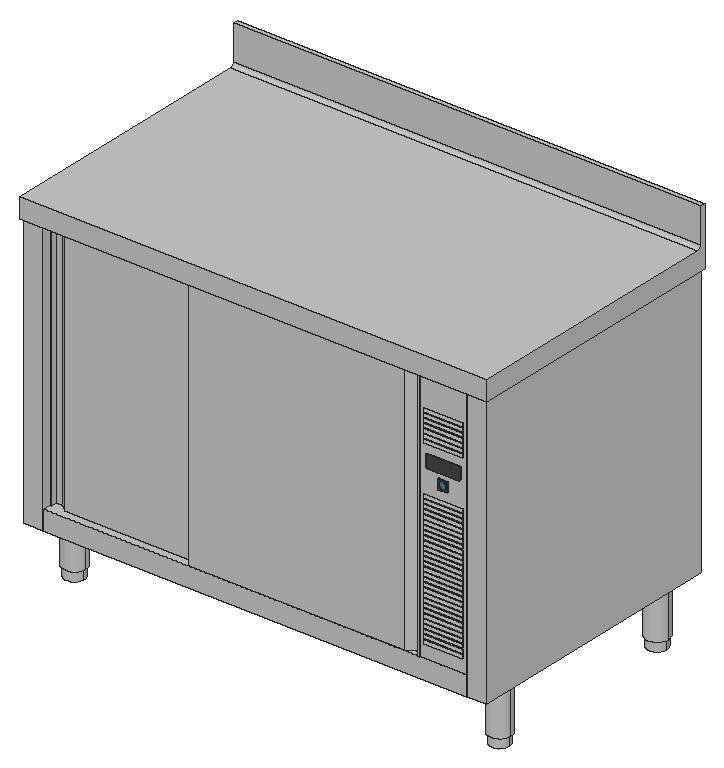
Revit family "QF_ELECTROLUXPROFESSIONAL_132791_MTC1210PN", category Attrezzature speciali, Revit 2020
Family settings
  Quota connettore circolare = Usa diametro
  Tipo di parte = Normale
  Basato su piano di lavoro = No
  Sempre verticale = Sì
  Taglio con vuoti quando caricato = No
  Condiviso = No
  Punto di calcolo locali = No
Parameters (values of type "Standard")
  Weight = 55.00 kg
  Watts = 2400 W
  Volts = 220 V
  URL Manufacturer = "https://www.electroluxprofessional.com/"
  URL = "https://www.electroluxprofessional.com/"
  Steam Supply Size = 0 mm
  Steam Supply Minimum Pressure = 0.0 Pa
  Steam Supply Maximum Pressure = 0.0 Pa
  Steam Consumption per Hour = 0
  Refrigeration Suction Line Size = 0.0 mm
  Refrigeration Liquid Line Size = 0.0 mm
  Refrigerant Compressor Remote = yes
  Prospetto di default = 0.0 mm
  Produttore = "Electrolux Professional"
  Phase = 1
  Modello = "MTC1210PN"
  Length Actual = 1200.0 mm  # constant formula
  Item Number = "132791"
  Hot Water Size = 0 mm
  Height Actual = 1000.0 mm  # constant formula
  HP = "3.2 HP"
  Gas Size = 0 mm
  Gas KW = 0
  Gas Input Pressure = 0 W
  Direct Waste Size = 0 mm
  Descrizione = "HOT CUPB.VENT+UPST+SHELF+SLIDING D. 1200"
  Depth Actual = 700.0 mm  # constant formula
  Cycle = 50 Hz
  Condensate Return Size = 0 mm
  Compressed Air Volume = 0.0 L/s
  Compressed Air Size = 0 mm
  Compressed Air Pressure = 0.0 Pa
  Cold Water Size = 0 mm
  Accessory = yes
Reference planes
  plane 1 "Center (Front/Back)": y = 0
  plane 2: z = 0
  plane 3 "Center (Left/Right)": x = -100
  plane 4 "LEFT": x = -700
  plane 5 "RIGHT": x = 500
  plane 6 "BACK": y = 350
  plane 7 "FRONT": y = -350
  plane 8 "Base": z = 850
  plane 9 "TOP": z = 900
  plane 10: x = -646.5
  plane 11: x = 446.5
  plane 12: y = 264.5
  plane 13: y = -241.5
  plane 14 "BodyLeft": x = -694.5
  plane 15 "BodyFront": y = -344.5
  plane 16 "BodyRight": x = 494.5
  plane 17 "BodyBack": y = 344.5
  plane 18 "FEET": z = 150
  plane 19: x = 324.5
  plane 20: x = -161
  plane 21: x = 444.5
  plane 22 "EIx": x = 400
  plane 23 "EIy": y = -170
Forms (mm)
  Extrusion 1, solid, material "QF_Finishes_Stainless Steel"
    sketch origin (-100, 0, 0) x (0, 1, 0) y (0, 0, 1)
      loop
        line (-350, 850) -> (350, 850) -> (350, 1000) -> (337, 1000) -> (337, 910)
        arc (337, 910) -> (334.071, 902.929) -> (327, 900) r 10
        line (327, 900) -> (-350, 900) -> (-350, 850)
    from 600 to -600
  Extrusion 2, solid, material "QF_Finishes_Stainless Steel"
    sketch origin (0, 0, 150) x (-1, 0, 0) y (0, -1, 0)
      loop
        line (694.5, -344.5) -> (694.5, 344.5) -> (644.5, 344.5) -> (644.5, -344.5) -> (694.5, -344.5)
      loop
        line (-444.5, -344.5) -> (-444.5, 344.5) -> (-494.5, 344.5) -> (-494.5, -344.5) -> (-444.5, -344.5)
    from 0 to 700
  Extrusion 3, solid, material "QF_Finishes_Stainless Steel"
    sketch origin (0, 0, 150) x (-1, 0, 0) y (0, -1, 0)
      loop
        line (644.5, -344.5) -> (644.5, 344.5) -> (-444.5, 344.5) -> (-444.5, -344.5) -> (644.5, -344.5)
    from 0 to 50
  Extrusion 4, solid, material "QF_Finishes_Stainless Steel"
    sketch origin (-1, 0, 150) x (-1, 0, 0) y (0, -1, 0)
      loop
        line (-325.5, 344.5) -> (-325.5, 324.5) -> (270.5, 324.5) -> (270.5, 344.5) -> (-285.5, 344.5) -> (-305.5, 329.5) -> (-320.5, 329.5) -> (-320.5, 344.5) -> (-325.5, 344.5)
    from 50 to 700
  Extrusion 5, solid, material "QF_Finishes_Stainless Steel"
    sketch origin (1, 20, 150) x (1, 0, 0) y (0, 1, 0)
      loop
        line (-645.5, -344.5) -> (-640.5, -344.5) -> (-640.5, -329.5) -> (-625.5, -329.5) -> (-605.5, -344.5) -> (-51.5, -344.5) -> (-51.5, -324.5) -> (-645.5, -324.5) -> (-645.5, -344.5)
    from 50 to 700
  Extrusion 6, solid, material "QF_Finishes_Stainless Steel"
    sketch origin (0, 0, 0) x (1, 0, 0) y (0, 1, 0)
      loop
        line (-644.5, -304.5) -> (324.5, -304.5) -> (324.5, 324.5) -> (-644.5, 324.5) -> (-644.5, -304.5)
    from 500 to 540
  Extrusion 7, solid, material "QF_Finishes_Stainless Steel"
    sketch origin (0, 0, 0) x (1, 0, 0) y (0, 1, 0)
      loop
        line (444.5, 344.5) -> (-644.5, 344.5) -> (-644.5, 324.5) -> (444.5, 324.5) -> (444.5, 344.5)
    from 200 to 850
  Extrusion 8, solid, material "QF_Finishes_Stainless Steel"
    sketch origin (0, 0, 150) x (-1, 0, 0) y (0, -1, 0)
      loop
        circle (-400, 170) r 10
    from 0 to -5
Cuts and joins
  joined: Extrusion 3, Extrusion 7
Lines and regions (mm)
  symbolic lines
    curve 1: line (500, 350, 900) -> (-700, 350, 900)
    curve 2: line (-700, 350, 900) -> (-700, -350, 900)
    curve 3: line (-700, -350, 900) -> (500, -350, 900)
    curve 4: line (500, -350, 900) -> (500, 350, 900)
    curve 15: line (500, 337, 900) -> (-700, 337, 900)
  symbolic lines, style "SpecialityEquipmentHiddenLines"
    curve 5: line (-694.5, 344.5, 150) -> (494.5, 344.5, 150)
    curve 6: line (-694.5, -344.5, 150) -> (-694.5, 344.5, 150)
    curve 7: line (494.5, -344.5, 150) -> (-694.5, -344.5, 150)
    curve 8: line (494.5, 344.5, 150) -> (494.5, -344.5, 150)
    curve 9: line (-645.5, -304.5, 150) -> (-49.5, -304.5, 150)
    curve 10: line (-49.5, -304.5, 150) -> (-49.5, -324.5, 150)
    curve 11: line (-645.5, -324.5, 150) -> (324.5, -324.5, 150)
    curve 12: line (324.5, -324.5, 150) -> (324.5, -344.5, 150)
    curve 13: line (-645.5, -304.5, 150) -> (-645.5, -324.5, 150)
    curve 14: line (-271.5, -344.5, 0) -> (-271.5, -324.5, 0)
Dimensions and locks
  plane 4 "LEFT" to plane 5 "RIGHT" = 1200.0 mm
  equal spacing: plane 4 "LEFT", plane 3 "Center (Left/Right)", plane 5 "RIGHT"
  locked: plane 8 "Base" to level at 850
  plane 9 "TOP" to level = 900.0 mm
  plane 6 "BACK" to plane 7 "FRONT" = 700.0 mm
  equal spacing: plane 6 "BACK", plane 1 "Center (Front/Back)", plane 7 "FRONT"
  locked: plane 4 "LEFT" to plane 14 "BodyLeft" at 5.5
  locked: plane 16 "BodyRight" to plane 5 "RIGHT" at 5.5
  locked: plane 15 "BodyFront" to plane 7 "FRONT" at 5.5
  locked: plane 6 "BACK" to plane 17 "BodyBack" at 5.5
  locked: plane 14 "BodyLeft" to plane 10 at 48
  locked: plane 11 to plane 16 "BodyRight" at 48
  locked: plane 13 to plane 15 "BodyFront" at 103
  locked: plane 17 "BodyBack" to plane 12 at 80
  plane 10 to plane 11 = 1093.0 mm
  plane 12 to plane 13 = 506.0 mm
  locked: plane 14 "BodyLeft" to Extrusion 2 sketch curve at 50
  locked: Extrusion 2 sketch curve to Extrusion 2 sketch curve at 50
  equal spacing: plane 10, plane 20, plane 19
  locked: plane 21 to plane 16 "BodyRight" at 50
  locked: plane 19 to plane 21 at 120
  locked: Extrusion 4 sketch curve to plane 20 at 110.5
  locked: plane 20 to Extrusion 5 sketch curve at 110.5
  locked: plane 18 "FEET" to level at 150
  locked: plane 22 "EIx" to plane 5 "RIGHT" at 100
  plane 23 "EIy" to plane 7 "FRONT" = 180.0 mm
  locked: Extrusion 1 to level at 1000
  aligned and locked: level to plane 2
  aligned and locked: plane 10 to nested 1
  aligned and locked: nested 1 to plane 13
  aligned and locked: plane 11 to nested 2
  aligned and locked: nested 2 to plane 13
  aligned and locked: plane 11 to nested 4
  aligned and locked: nested 4 to plane 12
  aligned and locked: plane 10 to nested 3
  aligned and locked: nested 3 to plane 12
  aligned and locked: Extrusion 1 to plane 4 "LEFT"
  aligned and locked: plane 5 "RIGHT" to Extrusion 1
  aligned and locked: curve 2 to plane 4 "LEFT"
  aligned and locked: plane 17 "BodyBack" to Extrusion 2 sketch curve
  aligned and locked: Extrusion 2 sketch curve to plane 15 "BodyFront"
  aligned and locked: Extrusion 2 sketch curve to plane 14 "BodyLeft"
  aligned and locked: plane 16 "BodyRight" to Extrusion 2 sketch curve
  aligned and locked: Extrusion 2 sketch curve to plane 17 "BodyBack"
  aligned and locked: plane 15 "BodyFront" to Extrusion 2 sketch curve
  aligned and locked: Extrusion 3 sketch curve to plane 17 "BodyBack"
  aligned and locked: plane 15 "BodyFront" to Extrusion 3 sketch curve
  aligned and locked: plane 8 "Base" to Extrusion 2
  aligned and locked: plane 8 "Base" to Extrusion 4
  aligned and locked: Extrusion 4 to Extrusion 3
  aligned and locked: Extrusion 1 to plane 8 "Base"
  aligned and locked: plane 9 "TOP" to Extrusion 1
  aligned and locked: curve 5 to plane 17 "BodyBack"
  aligned and locked: plane 14 "BodyLeft" to curve 6
  aligned and locked: plane 15 "BodyFront" to curve 7
  aligned and locked: plane 16 "BodyRight" to curve 8
  aligned and locked: Extrusion 3 to Extrusion 2  (x2)
  aligned and locked: Extrusion 6 sketch curve to Extrusion 2
  aligned and locked: Extrusion 6 sketch curve to Extrusion 5
  aligned and locked: nested 5 to plane 21
  aligned and locked: Extrusion 7 sketch curve to Extrusion 2
  aligned and locked: Extrusion 6 sketch curve to plane 19
Automatic sketch dimensions
  Extrusion 8 sketch curve to plane 22 "EIx" = 0.0 mm
  Extrusion 8 sketch curve to plane 23 "EIy" = 0.0 mm
  curve 14 to plane 15 "BodyFront" = 0.0 mm
  plane 15 "BodyFront" to curve 14 = 20.0 mm
  curve 14 to plane 20 = 110.5 mm
  curve 3 to plane 7 "FRONT" = 0.0 mm
  curve 15 to plane 5 "RIGHT" = 0.0 mm
  curve 4 to plane 6 "BACK" = 0.0 mm
  curve 15 to plane 17 "BodyBack" = 7.5 mm
  Extrusion 1 sketch curve to plane 7 "FRONT" = 0.0 mm
  Extrusion 1 sketch curve to plane 9 "TOP" = 0.0 mm
  Extrusion 1 sketch curve to plane 6 "BACK" = 0.0 mm
  Extrusion 1 sketch curve to plane 8 "Base" = 0.0 mm
  Extrusion 1 sketch curve to plane 17 "BodyBack" = 17.5 mm
  Extrusion 1 sketch curve to plane 17 "BodyBack" = 7.5 mm
  Extrusion 1 sketch curve to Extrusion 1 sketch curve = 90.0 mm
  Extrusion 3 sketch curve to plane 21 = 0.0 mm
  plane 10 to Extrusion 3 sketch curve = 2.0 mm
  Extrusion 4 sketch curve to plane 19 = 0.0 mm
  Extrusion 4 sketch curve to plane 15 "BodyFront" = 0.0 mm  (x2)
  Extrusion 4 sketch curve to Extrusion 4 sketch curve = 5.0 mm
  Extrusion 4 sketch curve to Extrusion 4 sketch curve = 15.0 mm  (x2)
  Extrusion 4 sketch curve to Extrusion 4 sketch curve = 20.0 mm  (x2)
  Extrusion 5 sketch curve to plane 15 "BodyFront" = 20.0 mm  (x2)
  Extrusion 5 sketch curve to plane 10 = 42.0 mm
  Extrusion 5 sketch curve to plane 10 = 22.0 mm
  Extrusion 5 sketch curve to plane 10 = 7.0 mm
  Extrusion 5 sketch curve to plane 10 = 2.0 mm
  Extrusion 5 sketch curve to Extrusion 5 sketch curve = 15.0 mm
  Extrusion 5 sketch curve to Extrusion 5 sketch curve = 20.0 mm
  curve 12 to plane 19 = 0.0 mm
  curve 7 to plane 15 "BodyFront" = 0.0 mm
  plane 3 "Center (Left/Right)" to curve 10 = 50.5 mm
  plane 10 to curve 13 = 1.0 mm
  plane 15 "BodyFront" to curve 9 = 40.0 mm
  plane 15 "BodyFront" to curve 11 = 20.0 mm
  Extrusion 6 sketch curve to plane 17 "BodyBack" = 20.0 mm
  Extrusion 7 sketch curve to plane 21 = 0.0 mm
  Extrusion 7 sketch curve to plane 17 "BodyBack" = 0.0 mm
  Extrusion 7 sketch curve to Extrusion 7 sketch curve = 20.0 mm
  radius of Extrusion 8 sketch curve = 10.0 mm
Nested families
  nested 1: "FEET_D58-150" at (-646.5, -241.5, 0), type "FEET_D58-150"
  nested 2: "FEET_D58-150" at (446.5, -241.5, 0), type "FEET_D58-150"
  nested 3: "FEET_D58-150" at (-646.5, 264.5, 0), type "FEET_D58-150"
  nested 4: "FEET_D58-150" at (446.5, 264.5, 0), type "FEET_D58-150"
  nested 5: "WT_PNL120x650" at (531.42, -304.5, 600) x (1, 0, 0) z (0, -1, 0), type "WT_PNL120x650"
    with Show Logo yes
Connectors
  electrical at (400, -170, 145)
    settings: on Extrusion 8, index 1, voltage 0 V, apparent load 0 VA, apparent load phase1 0 VA, apparent load phase2 0 VA, apparent load phase3 0 VA, power factor 1, load classification "Other", number of poles 1, system type 30, power factor state 1, is connector primary yes, connector utility no, sub classification motor no, connector description "Electrical connection"
Definition of nested family "FEET_D58-150"
  Parameters
    Default Elevation = 0.0 mm
    FEET = 150.0 mm
  Reference planes
    plane 1 "Center (Front/Back)": y = 0
    plane 2: z = 0
    plane 3 "Center (Left/Right)": x = 0
    plane 4: z = 150
  Forms (mm)
    Extrusion 1, solid
      sketch origin (0, 0, 0) x (1, 0, 0) y (0, 1, 0)
        loop
          circle (0, 0) r 25
      from 0 to 25
    Extrusion 2, solid
      sketch origin (0, 0, 0) x (1, 0, 0) y (0, 1, 0)
        loop
          circle (0.061, 0) r 29
      from 25 to 150 <- "FEET"
  Lines and regions (mm)
    symbolic lines
      curve 1: line (0, -1.503, 0) -> (0, 1.508, 0)
      curve 2: line (1.561, 0, 0) -> (-1.439, 0, 0)
  Dimensions and locks
    "FEET": plane 4 to plane 2
    aligned and locked: level to plane 2
  Automatic sketch dimensions
    plane 1 "Center (Front/Back)" to Extrusion 1 sketch curve = 0.0 mm
    Extrusion 1 sketch curve to plane 3 "Center (Left/Right)" = 0.0 mm
    plane 1 "Center (Front/Back)" to curve 2 = 0.0 mm
    curve 1 to plane 3 "Center (Left/Right)" = 0.0 mm
    curve 2 to plane 3 "Center (Left/Right)" = 1.439 mm
    plane 3 "Center (Left/Right)" to curve 2 = 1.561 mm
    plane 1 "Center (Front/Back)" to curve 1 = 1.503 mm
    curve 1 to plane 1 "Center (Front/Back)" = 1.508 mm
    plane 1 "Center (Front/Back)" to Extrusion 2 sketch curve = 0.0 mm
    plane 3 "Center (Left/Right)" to Extrusion 2 sketch curve = 0.061 mm
    radius of Extrusion 1 sketch curve = 25.0 mm
    radius of Extrusion 2 sketch curve = 29.0 mm
Definition of nested family "WT_PNL120x650"
  Parameters
    Show Logo [instance] = yes
    Default Elevation = 1219.2 mm
  Reference planes
    plane 1 "Center (Front/Back)": y = -75
    plane 2: z = 0
    plane 3 "Center (Left/Right)": x = -146.92
    plane 4: x = -206.92
    plane 5: x = -86.92
    plane 6: y = 250
    plane 7: y = -400
    plane 8 "TOP": z = 40
  Forms (mm)
    Extrusion 1, solid
      sketch origin (0, 0, 0) x (1, 0, 0) y (0, 1, 0)
        loop
          line (-1219.2, 1219.2) -> (-1219.2, -1219.2) -> (1219.2, -1219.2) -> (1219.2, 1219.2) -> (-1219.2, 1219.2)
      from 0 to -304.8
    Extrusion 2, solid
      sketch origin (0, 0, 0) x (1, 0, 0) y (0, 1, 0)
        loop
          line (-206.92, 250) -> (-206.92, -400) -> (-86.92, -400) -> (-86.92, 250) -> (-206.92, 250)
      from 0 to 40
    Extrusion 3, void
      sketch origin (0, 0, 40) x (-1, 0, 0) y (0, -1, 0)
        loop
          arc (101.92, -68.899) -> (103.795, -73.256) -> (108.247, -74.89) r 6
          line (108.247, -74.89) -> (185.92, -74.89)
          arc (185.92, -74.89) -> (190.163, -73.133) -> (191.92, -68.89) r 6
          line (191.92, -68.89) -> (191.92, -45.89)
          arc (191.92, -45.89) -> (190.163, -41.648) -> (185.92, -39.89) r 6
          line (185.92, -39.89) -> (107.92, -39.89)
          arc (107.92, -39.89) -> (103.677, -41.648) -> (101.92, -45.89) r 6
          line (101.92, -45.89) -> (101.92, -68.899)
        loop
          line (158.92, -27.89) -> (158.92, -2.89) -> (134.92, -2.89) -> (134.92, -27.89) -> (158.92, -27.89)
      from -2 to 0
    Extrusion 4, solid
      sketch origin (0, 0, 40) x (-1, 0, 0) y (0, -1, 0)
        loop
          line (185.92, -39.89) -> (107.92, -39.89)
          arc (107.92, -39.89) -> (103.677, -41.648) -> (101.92, -45.89) r 6
          line (101.92, -45.89) -> (101.92, -68.899)
          arc (101.92, -68.899) -> (103.795, -73.256) -> (108.247, -74.89) r 6
          line (108.247, -74.89) -> (185.92, -74.89)
          arc (185.92, -74.89) -> (190.163, -73.133) -> (191.92, -68.89) r 6
          line (191.92, -68.89) -> (191.92, -45.89)
          arc (191.92, -45.89) -> (190.163, -41.648) -> (185.92, -39.89) r 6
      from -2 to 1
    Extrusion 5, solid
      sketch origin (-146.92, 0, 0) x (0, 1, 0) y (0, 0, 1)
        loop
          line (95.896, 40) -> (104.899, 40) -> (95.896, 41.206) -> (95.896, 40)
        loop
          line (107.896, 40) -> (116.899, 40) -> (107.896, 41.206) -> (107.896, 40)
        loop
          line (119.896, 40) -> (128.899, 40) -> (119.896, 41.206) -> (119.896, 40)
        loop
          line (131.896, 40) -> (140.899, 40) -> (131.896, 41.206) -> (131.896, 40)
        loop
          line (143.896, 40) -> (152.899, 40) -> (143.896, 41.206) -> (143.896, 40)
        loop
          line (155.896, 40) -> (164.899, 40) -> (155.896, 41.206) -> (155.896, 40)
        loop
          line (167.896, 40) -> (176.899, 40) -> (167.896, 41.206) -> (167.896, 40)
        loop
          line (-102.104, 40) -> (-93.101, 40) -> (-102.104, 41.206) -> (-102.104, 40)
        loop
          line (-90.104, 40) -> (-81.101, 40) -> (-90.104, 41.206) -> (-90.104, 40)
        loop
          line (-78.104, 40) -> (-69.101, 40) -> (-78.104, 41.206) -> (-78.104, 40)
        loop
          line (-66.104, 40) -> (-57.101, 40) -> (-66.104, 41.206) -> (-66.104, 40)
        loop
          line (-54.104, 40) -> (-45.101, 40) -> (-54.104, 41.206) -> (-54.104, 40)
        loop
          line (-42.104, 40) -> (-33.101, 40) -> (-42.104, 41.206) -> (-42.104, 40)
        loop
          line (-30.104, 40) -> (-21.101, 40) -> (-30.104, 41.206) -> (-30.104, 40)
        loop
          line (-174.104, 40) -> (-165.101, 40) -> (-174.104, 41.206) -> (-174.104, 40)
        loop
          line (-162.104, 40) -> (-153.101, 40) -> (-162.104, 41.206) -> (-162.104, 40)
        loop
          line (-150.104, 40) -> (-141.101, 40) -> (-150.104, 41.206) -> (-150.104, 40)
        loop
          line (-138.104, 40) -> (-129.101, 40) -> (-138.104, 41.206) -> (-138.104, 40)
        loop
          line (-126.104, 40) -> (-117.101, 40) -> (-126.104, 41.206) -> (-126.104, 40)
        loop
          line (-114.104, 40) -> (-105.101, 40) -> (-114.104, 41.206) -> (-114.104, 40)
        loop
          line (-246.104, 40) -> (-237.101, 40) -> (-246.104, 41.206) -> (-246.104, 40)
        loop
          line (-234.104, 40) -> (-225.101, 40) -> (-234.104, 41.206) -> (-234.104, 40)
        loop
          line (-222.104, 40) -> (-213.101, 40) -> (-222.104, 41.206) -> (-222.104, 40)
        loop
          line (-210.104, 40) -> (-201.101, 40) -> (-210.104, 41.206) -> (-210.104, 40)
        loop
          line (-198.104, 40) -> (-189.101, 40) -> (-198.104, 41.206) -> (-198.104, 40)
        loop
          line (-186.104, 40) -> (-177.101, 40) -> (-186.104, 41.206) -> (-186.104, 40)
        loop
          line (-318.104, 40) -> (-309.101, 40) -> (-318.104, 41.206) -> (-318.104, 40)
        loop
          line (-306.104, 40) -> (-297.101, 40) -> (-306.104, 41.206) -> (-306.104, 40)
        loop
          line (-294.104, 40) -> (-285.101, 40) -> (-294.104, 41.206) -> (-294.104, 40)
        loop
          line (-282.104, 40) -> (-273.101, 40) -> (-282.104, 41.206) -> (-282.104, 40)
        loop
          line (-270.104, 40) -> (-261.101, 40) -> (-270.104, 41.206) -> (-270.104, 40)
        loop
          line (-258.104, 40) -> (-249.101, 40) -> (-258.104, 41.206) -> (-258.104, 40)
        loop
          line (-366.104, 40) -> (-357.101, 40) -> (-366.104, 41.206) -> (-366.104, 40)
        loop
          line (-354.104, 40) -> (-345.101, 40) -> (-354.104, 41.206) -> (-354.104, 40)
        loop
          line (-342.104, 40) -> (-333.101, 40) -> (-342.104, 41.206) -> (-342.104, 40)
        loop
          line (-330.104, 40) -> (-321.101, 40) -> (-330.104, 41.206) -> (-330.104, 40)
      from -50 to 50
    Extrusion 6, solid
      sketch origin (0, 0, 40) x (-1, 0, 0) y (0, -1, 0)
        loop
          line (134.92, -27.89) -> (158.92, -27.89) -> (158.92, -2.89) -> (134.92, -2.89) -> (134.92, -27.89)
        loop
          circle (146.92, -15.39) r 9
      from -2 to 3
    Extrusion 7, solid
      sketch origin (0, 0, 40) x (-1, 0, 0) y (0, -1, 0)
        loop
          circle (146.92, -15.39) r 9
      from 0 to 3
  Cuts and joins
    Extrusion 3 cuts Extrusion 2
  Dimensions and locks
    equal spacing: plane 6, plane 1 "Center (Front/Back)", plane 7
    equal spacing: plane 4, plane 3 "Center (Left/Right)", plane 5
    plane 8 "TOP" to level = 40.0 mm
    aligned and locked: plane 2 to Extrusion 1
    aligned and locked: level to Extrusion 1
  Automatic sketch dimensions
    Extrusion 1 sketch curve to Extrusion 1 sketch curve = 2438.4 mm  (x2)
    Extrusion 2 sketch curve to plane 4 = 0.0 mm
    Extrusion 2 sketch curve to plane 5 = 0.0 mm
    Extrusion 2 sketch curve to plane 7 = 0.0 mm
    Extrusion 2 sketch curve to plane 6 = 0.0 mm
    Extrusion 5 sketch curve to plane 8 "TOP" = 0.0 mm  (x36)
    Extrusion 5 sketch curve to Extrusion 5 sketch curve = 9.003 mm  (x35)
    plane 8 "TOP" to Extrusion 5 sketch curve = 1.206 mm  (x22)
    Extrusion 5 sketch curve to Extrusion 5 sketch curve = 2.997 mm  (x33)
    plane 1 "Center (Front/Back)" to Extrusion 5 sketch curve = 6.101 mm
    plane 1 "Center (Front/Back)" to Extrusion 5 sketch curve = 3.104 mm
    Extrusion 5 sketch curve to plane 1 "Center (Front/Back)" = 5.899 mm
    Extrusion 5 sketch curve to Extrusion 5 sketch curve = 116.997 mm
    Extrusion 5 sketch curve to Extrusion 5 sketch curve = 1.206 mm  (x14)
    Extrusion 4 sketch curve to plane 5 = 15.0 mm
    Extrusion 4 sketch curve to Extrusion 4 sketch curve = 6.0 mm  (x3)
    Extrusion 4 sketch curve to Extrusion 4 sketch curve = 0.327 mm
    plane 4 to Extrusion 4 sketch curve = 21.0 mm  (x2)
    Extrusion 4 sketch curve to plane 1 "Center (Front/Back)" = 149.89 mm
    Extrusion 4 sketch curve to Extrusion 4 sketch curve = 23.009 mm
    Extrusion 3 sketch curve to plane 5 = 15.0 mm
    Extrusion 3 sketch curve to Extrusion 3 sketch curve = 6.0 mm  (x3)
    Extrusion 3 sketch curve to Extrusion 3 sketch curve = 0.327 mm
    plane 3 "Center (Left/Right)" to Extrusion 3 sketch curve = 12.0 mm
    Extrusion 3 sketch curve to plane 3 "Center (Left/Right)" = 12.0 mm
    plane 4 to Extrusion 3 sketch curve = 21.0 mm  (x2)
    Extrusion 3 sketch curve to plane 1 "Center (Front/Back)" = 149.89 mm
    Extrusion 3 sketch curve to Extrusion 3 sketch curve = 23.0 mm
    Extrusion 3 sketch curve to Extrusion 3 sketch curve = 12.0 mm
    Extrusion 3 sketch curve to Extrusion 3 sketch curve = 25.0 mm
    Extrusion 6 sketch curve to plane 3 "Center (Left/Right)" = 0.0 mm
    plane 3 "Center (Left/Right)" to Extrusion 6 sketch curve = 12.0 mm
    Extrusion 6 sketch curve to plane 3 "Center (Left/Right)" = 12.0 mm
    Extrusion 6 sketch curve to plane 1 "Center (Front/Back)" = 102.89 mm
    Extrusion 6 sketch curve to Extrusion 6 sketch curve = 12.5 mm  (x2)
    Extrusion 7 sketch curve to plane 3 "Center (Left/Right)" = 0.0 mm
    Extrusion 7 sketch curve to plane 1 "Center (Front/Back)" = 90.39 mm
    radius of Extrusion 6 sketch curve = 9.0 mm
    radius of Extrusion 7 sketch curve = 9.0 mm
